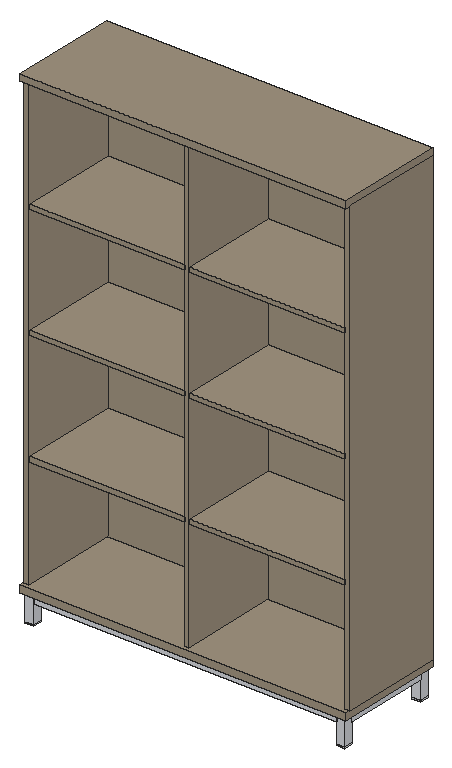
Revit family "Open Fronted Modular Storage With Wooden Door Options", category Furniture, Revit 2020 (continued)
Definition of nested family "Hinged Locking Wooden Doors - HD1 - Level 3"
  Definition of nested family "Handle Type B-1"
    Automatic sketch dimensions
      plane 1 "Center (Front/Back)" to Extrusion 18 sketch curve = 56.707 mm
      plane 1 "Center (Front/Back)" to Extrusion 18 sketch curve = 27.389 mm
      plane 3 "Center (Left/Right)" to Extrusion 18 sketch curve = 36 mm
      Extrusion 18 sketch curve to Extrusion 18 sketch curve = 1.632 mm
      plane 1 "Center (Front/Back)" to Extrusion 19 sketch curve = 56.707 mm
      plane 1 "Center (Front/Back)" to Extrusion 19 sketch curve = 26.024 mm
      plane 3 "Center (Left/Right)" to Extrusion 19 sketch curve = 41 mm
      Extrusion 19 sketch curve to Extrusion 19 sketch curve = 1.632 mm
      curve 4 to plane 1 "Center (Front/Back)" = 0 mm
      level to curve 4 = 994.578 mm
      radius of Extrusion 2 sketch curve = 4 mm  (x2)
  Definition of nested family "Handle Type D-1"
    Parameters (values of type "Handle Type D-1")
      URL = "www.gof.co.uk"
      Type Comments = ""
      Range = "STORAGE"
      Handle Type D = none
      Product Code = "Handle Type D"
      Model = ""
      Manufacturer = "Gresham Office Furniture"  # constant formula
      Default Elevation = 0 mm
      Assembly Code = "E2020200"
    Reference planes
      plane 1 "Center (Front/Back)": y = 0
      plane 2: z = 0
      plane 3 "Center (Left/Right)": x = 0
      plane 4: x = -475
      plane 5: x = 475
      plane 6: y = 260
      plane 7: y = -260
    Forms (mm)
      Extrusion 1, solid
        sketch origin (994.578, 0, 994.578) x (0, 0, 1) y (0, 1, 0)
          loop
            line (5, 0) -> (-5, 0) -> (-5, -6.91)
            arc (-5, -6.91) -> (-7.006, -15.176) -> (0, -20) r 7.5
            arc (0, -20) -> (7.006, -15.176) -> (5, -6.91) r 7.5
            line (5, -6.91) -> (5, 0)
        from 919.578 to 1069.578
    Lines and regions (mm)
      model lines, not visible, detail levels coarse+medium
        curve 1: line (75, 0, 999.578) -> (75, 0, 989.578)
        curve 2: line (-75, 0, 999.578) -> (-75, 0, 989.578)
      model lines, detail levels coarse+medium
        curve 3: line (-75, 0, 994.578) -> (75, 0, 994.578)
      model lines, not visible
        curve 4: line (0, 0, 999.578) -> (0, 0, 989.578)
    Dimensions and locks
      aligned and locked: level to plane 2
Definition of nested family "Hinged Locking Wooden Doors - HD1 - Level 2"
  Parameters (values of type "Hinged Locking Wooden Doors - HD1 - Level 2")
    Width = 1200 mm
    URL = "www.gof.co.uk"
    Shelves = none
    Range = "STORAGE"
    Product Data Specification = ""
    Product Code = "HD1"
    Product Brochure = ""
    Model = "BOOKCASE"
    Manufacturer = "Gresham Office Furniture"  # constant formula
    Height = 1816 mm
    Handle Type D [instance] = no
    Handle Type C [instance] = yes
    Handle Type B [instance] = no
    HD1 - Lock = yes
    Doors = none
    Default Elevation = 0 mm
    Carcass = none
    Depth = 400 mm
  Reference planes
    plane 1 "Center (Front/Back)": y = 0
    plane 2: z = 0
    plane 3 "Center (Left/Right)": x = 0
    plane 4: x = -600
    plane 5: x = 600
    plane 6: y = 200
    plane 7 "Front": y = -200
    plane 8 "Storage Top": z = 1816
    plane 9: z = 1803.5
    plane 10 "Door Front": y = -182
    plane 11: z = 112.5
    plane 12: z = 1791
    plane 13: z = 1400
    plane 14: z = 984
    plane 15: z = 959
    plane 16: z = 1375
    plane 17: z = 125
    plane 18: z = 100
  Forms (mm)
    Extrusion 1, solid, material <- "Doors", visible <- "HD1 - Lock"
      sketch origin (-839.743, -182, 1119.4) x (1, 0, 0) y (0, 0, 1)
        loop
          line (840.743, -575.4) -> (1439.743, -575.4) -> (1439.743, -163.4) -> (840.743, -163.4) -> (840.743, -575.4)
      from 0 to 18
    Extrusion 2, solid, visible <- "HD1 - Lock"
      sketch origin (0, 0, 415.5) x (-1, 0, 0) y (0, 0, -1)
        loop
          circle (-43, -457) r 10
      from 200 to 202
    Extrusion 3, solid, material <- "Doors", visible <- "HD1 - Lock"
      sketch origin (839.743, -182, 1119.4) x (-1, 0, 0) y (0, 0, -1)
        loop
          line (840.743, 575.4) -> (840.743, 163.4) -> (1439.743, 163.4) -> (1439.743, 575.4) -> (840.743, 575.4)
      from 0 to 18
    Extrusion 4, solid, visible <- "HD1 - Lock"
      sketch origin (0, 0, 415.5) x (1, 0, 0) y (0, 0, 1)
        loop
          circle (-43, 457) r 10
      from 200 to 202
  Dimensions and locks
    equal spacing: plane 4, plane 3 "Center (Left/Right)", plane 5
    "Width": plane 4 to plane 5
    equal spacing: plane 6, plane 1 "Center (Front/Back)", plane 7 "Front"
    "Depth": plane 6 to plane 7 "Front"
    "Height": plane 8 "Storage Top" to plane 2
    locked: plane 8 "Storage Top" to plane 9 at 12.5
    locked: plane 10 "Door Front" to plane 7 "Front" at 18
    locked: plane 11 to level at 112.5
    locked: plane 8 "Storage Top" to plane 12 at 25
    plane 12 to plane 11 = 1678.5 mm  (x2)
    locked: plane 13 to level at 1400
    locked: plane 14 to level at 984
    locked: plane 14 to plane 15 at 25
    locked: plane 13 to plane 16 at 25
    locked: plane 17 to plane 18 at 25
    locked: Extrusion 1 to Extrusion 1 at 412
    locked: Extrusion 1 to Extrusion 1 at 18
    locked: Extrusion 1 to nested 2 at 99
    locked: Extrusion 1 to nested 2 at 83.5
    locked: Extrusion 1 to nested 1 at 99
    locked: Extrusion 1 to nested 1 at 83.5
    locked: Extrusion 1 to nested 3 at 83.5
    locked: Extrusion 1 to nested 3 at 99
    locked: Extrusion 3 to Extrusion 3 at 412
    locked: Extrusion 3 to Extrusion 3 at 18
    locked: Extrusion 3 to nested 6 at 99
    locked: Extrusion 3 to nested 6 at 83.5
    locked: Extrusion 3 to nested 4 at 99
    locked: Extrusion 3 to nested 4 at 83.5
    locked: Extrusion 3 to nested 5 at 83.5
    locked: Extrusion 3 to nested 5 at 99
    aligned and locked: level to plane 2
    aligned and locked: Extrusion 2 sketch curve to nested 1
    aligned and locked: nested 6 to Extrusion 4 sketch curve
  Automatic sketch dimensions
    plane 5 to Extrusion 1 sketch curve = 0 mm
    plane 3 "Center (Left/Right)" to Extrusion 1 sketch curve = 1 mm
    Extrusion 1 sketch curve to plane 15 = 415 mm
    Extrusion 1 sketch curve to plane 15 = 3 mm
    Extrusion 2 sketch curve to plane 3 "Center (Left/Right)" = 43 mm
    Extrusion 3 sketch curve to plane 4 = 0 mm
    Extrusion 3 sketch curve to plane 3 "Center (Left/Right)" = 1 mm
    Extrusion 3 sketch curve to plane 15 = 3 mm
    Extrusion 3 sketch curve to Extrusion 3 sketch curve = 412 mm
    Extrusion 4 sketch curve to plane 3 "Center (Left/Right)" = 43 mm
    radius of Extrusion 2 sketch curve = 10 mm
    radius of Extrusion 4 sketch curve = 10 mm
  Nested families
    nested 1: "Handle Type C-1" at (175, -200, -108.638) x (-1, 0, 0) z (0, 0, 1), visible <- "Handle Type C", type "Handle Type C-1"
    nested 2: "Handle Type B-1" at (175, -200, -122.078) x (-1, 0, 0) z (0, 0, 1), visible <- "Handle Type B", type "Handle Type B-1"
    nested 3: "Handle Type D-1" at (175, -200, -122.078) x (-1, 0, 0) z (0, 0, 1), visible <- "Handle Type D", type "Handle Type D-1"
    nested 4: "Handle Type C-1" at (-175, -200, -108.638), visible <- "Handle Type C", type "Handle Type C-1"
    nested 5: "Handle Type B-1" at (-175, -200, -122.078), visible <- "Handle Type B", type "Handle Type B-1"
    nested 6: "Handle Type D-1" at (-175, -200, -122.078), visible <- "Handle Type D", type "Handle Type D-1"
  Definition of nested family "Handle Type C-1"
    Parameters (values of type "Handle Type C-1")
      URL = "www.gof.co.uk"
      Type Comments = ""
      Range = "STORAGE"
      Handle Type C = none
      Product Code = "Handle Type C"
      Model = ""
      Manufacturer = "Gresham Office Furniture"  # constant formula
      Default Elevation = 0 mm
      Assembly Code = "E2020200"
    Reference planes
      plane 1 "Center (Front/Back)": y = 0
      plane 2: z = 0
      plane 3 "Center (Left/Right)": x = 0
      plane 4: x = -475
      plane 5: x = 475
      plane 6 "Storage Top": z = 2007
      plane 7: y = 260
      plane 8: y = -260
    Forms (mm)
      Extrusion 1, void
        sketch origin (981.138, 0, 981.138) x (0, 1, 0) y (-1, 0, 0)
          loop
            line (0, 1072) -> (0, 884.5) -> (27.401, 884.5) -> (27.401, 1072) -> (0, 1072)
        from -12.204 to 11.22
      Sweep 2, solid, material <- "Handle Type C"
        path in 3D
          loop
            arc (-78.75, 3.75, 981.138) -> (0, -30, 981.138) -> (78.75, 3.75, 981.138) r 108.75
        profile origin (0, -30, 981.138) x (0, 1, 0) y (0, 0, 1)
          loop
            circle (0, 0) r 5
    Cuts and joins
      Extrusion 1 cuts Sweep 2
    Lines and regions (mm)
      model lines, detail levels coarse+medium
        curve 1: line (68, 0, 981.138) -> (-68, 0, 981.138)
      model lines, not visible, detail levels coarse+medium
        curve 2: line (0, 0, 986.138) -> (0, 0, 976.138)
      model lines, not visible
        curve 3: line (0, 0, 981.138) -> (0, -30, 981.138)
        curve 5: line (-75, 0, 976.138) -> (-75, 0, 986.138)
        curve 6: line (75, 0, 986.138) -> (75, 0, 976.138)
      sketch lines
        curve 4: arc (-78.75, 3.75, 981.138) -> (0, -30, 981.138) -> (78.75, 3.75, 981.138) r 108.75
    Dimensions and locks
      equal spacing: plane 4, plane 3 "Center (Left/Right)", plane 5
      locked: plane 4 to plane 5 at 950
      equal spacing: plane 7, plane 1 "Center (Front/Back)", plane 8
      locked: plane 7 to plane 8 at 520
      aligned and locked: level to plane 2
    Automatic sketch dimensions
      curve 3 to plane 1 "Center (Front/Back)" = 0 mm
      plane 1 "Center (Front/Back)" to curve 3 = 30 mm
      curve 2 to plane 3 "Center (Left/Right)" = 0 mm
      level to curve 2 = 976.138 mm
      curve 1 to plane 3 "Center (Left/Right)" = 68 mm
      curve 5 to curve 1 = 7 mm
      plane 3 "Center (Left/Right)" to curve 1 = 68 mm
      curve 1 to curve 6 = 7 mm
      curve 6 to curve 2 = 0 mm
      curve 5 to curve 2 = 0 mm
      curve 5 to curve 1 = 5 mm
      curve 1 to curve 6 = 5 mm
      curve 1 to curve 5 = 5 mm
      curve 2 to curve 2 = 10 mm
      plane 1 "Center (Front/Back)" to Extrusion 1 sketch curve = 0 mm
      Extrusion 1 sketch curve to plane 1 "Center (Front/Back)" = 27.401 mm
      plane 3 "Center (Left/Right)" to Extrusion 1 sketch curve = 96.638 mm
      Extrusion 1 sketch curve to plane 3 "Center (Left/Right)" = 90.862 mm
      Sweep 2 sketch curve to profile plane = 0 mm  (x2)
      level to curve 3 = 981.138 mm
      radius of Sweep 2 sketch curve = 5 mm
  Definition of nested family "Handle Type B-1"
    Parameters (values of type "Handle Type B-1")
      URL = "www.gof.co.uk"
      Type Comments = ""
      Range = "STORAGE"
      Handle Type B = none
      Product Code = "Handle Type B"
      Model = ""
      Manufacturer = "Gresham Office Furniture"  # constant formula
      Default Elevation = 0 mm
      Assembly Code = "E2020200"
    Reference planes
      plane 1 "Center (Front/Back)": y = 0
      plane 2: z = 0
      plane 3 "Center (Left/Right)": x = 0
      plane 4: x = -475
      plane 5: x = 475
      plane 6: y = 260
      plane 7: y = -260
    Forms (mm)
      Extrusion 1, void
        sketch origin (872.923, -128.373, 994.578) x (0, 1, 0) y (-1, 0, 0)
          loop
            line (71.667, 873.923) -> (71.667, 872.291) -> (97.075, 872.291) -> (97.075, 873.923) -> (71.667, 873.923)
        from -6 to 6
      Extrusion 2, solid
        sketch origin (988.138, 0, 994.578) x (0, 0, 1) y (-1, 0, 0)
          loop
            circle (0, 1063.138) r 4
          loop
            circle (0, 913.138) r 4
        from 0 to 10.354
      Sweep 3, solid
        path in 3D
          loop
            arc (-85, -5, 994.578) -> (0, -30, 994.578) -> (85, -5, 994.578) r 157
        profile origin (0, -30, 994.578) x (0, 1, 0) y (0, 0, 1)
          loop
            spline (0, 7.5) -> (-0.776, 7.244) -> (-1.5, 6.495) -> (-2.121, 5.303) -> (-2.598, 3.75) -> (-2.898, 1.941) -> (-3, 0) -> (-2.898, -1.941) -> (-2.598, -3.75) -> (-2.121, -5.303) -> (-1.5, -6.495) -> (-0.776, -7.244) -> (0, -7.5)
            spline (0, -7.5) -> (0.776, -7.244) -> (1.5, -6.495) -> (2.121, -5.303) -> (2.598, -3.75) -> (2.898, -1.941) -> (3, 0) -> (2.898, 1.941) -> (2.598, 3.75) -> (2.121, 5.303) -> (1.5, 6.495) -> (0.776, 7.244) -> (0, 7.5)
      Extrusion 4, void
        sketch origin (867.923, -128.373, 994.578) x (0, 1, 0) y (-1, 0, 0)
          loop
            line (71.667, 873.923) -> (71.667, 872.291) -> (97.075, 872.291) -> (97.075, 873.923) -> (71.667, 873.923)
        from -6 to 6
      Extrusion 5, void
        sketch origin (862.923, -128.373, 994.578) x (0, 1, 0) y (-1, 0, 0)
          loop
            line (71.667, 873.923) -> (71.667, 872.291) -> (98.373, 872.291) -> (98.373, 873.923) -> (71.667, 873.923)
        from -6 to 6
      Extrusion 6, void
        sketch origin (857.923, -128.373, 994.578) x (0, 1, 0) y (-1, 0, 0)
          loop
            line (71.667, 873.923) -> (71.667, 872.291) -> (98.373, 872.291) -> (98.373, 873.923) -> (71.667, 873.923)
        from -6 to 6
      Extrusion 7, void
        sketch origin (852.923, -128.373, 994.578) x (0, 1, 0) y (-1, 0, 0)
          loop
            line (71.667, 873.923) -> (71.667, 872.291) -> (98.842, 872.291) -> (98.842, 873.923) -> (71.667, 873.923)
        from -6 to 6
      Extrusion 8, void
        sketch origin (847.923, -128.373, 994.578) x (0, 1, 0) y (-1, 0, 0)
          loop
            line (71.667, 873.923) -> (71.667, 872.291) -> (99.385, 872.291) -> (99.385, 873.923) -> (71.667, 873.923)
        from -6 to 6
      Extrusion 9, void
        sketch origin (842.923, -128.373, 994.578) x (0, 1, 0) y (-1, 0, 0)
          loop
            line (71.667, 873.923) -> (71.667, 872.291) -> (100.2, 872.291) -> (100.2, 873.923) -> (71.667, 873.923)
        from -6 to 6
      Extrusion 10, void
        sketch origin (837.923, -128.373, 994.578) x (0, 1, 0) y (-1, 0, 0)
          loop
            line (71.667, 873.923) -> (71.667, 872.291) -> (100.984, 872.291) -> (100.984, 873.923) -> (71.667, 873.923)
        from -6 to 6
      Extrusion 11, void
        sketch origin (832.923, -128.373, 994.578) x (0, 1, 0) y (-1, 0, 0)
          loop
            line (71.667, 873.923) -> (71.667, 872.291) -> (102.35, 872.291) -> (102.35, 873.923) -> (71.667, 873.923)
        from -6 to 6
      Extrusion 12, void
        sketch origin (-867.923, -128.373, 994.578) x (0, 1, 0) y (-1, 0, 0)
          loop
            line (71.667, -873.923) -> (97.075, -873.923) -> (97.075, -872.291) -> (71.667, -872.291) -> (71.667, -873.923)
        from -6 to 6
      Extrusion 13, void
        sketch origin (-862.923, -128.373, 994.578) x (0, 1, 0) y (-1, 0, 0)
          loop
            line (71.667, -873.923) -> (98.373, -873.923) -> (98.373, -872.291) -> (71.667, -872.291) -> (71.667, -873.923)
        from -6 to 6
      Extrusion 14, void
        sketch origin (-857.923, -128.373, 994.578) x (0, 1, 0) y (-1, 0, 0)
          loop
            line (71.667, -873.923) -> (98.373, -873.923) -> (98.373, -872.291) -> (71.667, -872.291) -> (71.667, -873.923)
        from -6 to 6
      Extrusion 15, void
        sketch origin (-852.923, -128.373, 994.578) x (0, 1, 0) y (-1, 0, 0)
          loop
            line (71.667, -873.923) -> (98.842, -873.923) -> (98.842, -872.291) -> (71.667, -872.291) -> (71.667, -873.923)
        from -6 to 6
      Extrusion 16, void
        sketch origin (-847.923, -128.373, 994.578) x (0, 1, 0) y (-1, 0, 0)
          loop
            line (71.667, -873.923) -> (99.385, -873.923) -> (99.385, -872.291) -> (71.667, -872.291) -> (71.667, -873.923)
        from -6 to 6
      Extrusion 17, void
        sketch origin (-842.923, -128.373, 994.578) x (0, 1, 0) y (-1, 0, 0)
          loop
            line (71.667, -873.923) -> (100.2, -873.923) -> (100.2, -872.291) -> (71.667, -872.291) -> (71.667, -873.923)
        from -6 to 6
      Extrusion 18, void
        sketch origin (-837.923, -128.373, 994.578) x (0, 1, 0) y (-1, 0, 0)
          loop
            line (71.667, -873.923) -> (100.984, -873.923) -> (100.984, -872.291) -> (71.667, -872.291) -> (71.667, -873.923)
        from -6 to 6
      Extrusion 19, void
        sketch origin (-832.923, -128.373, 994.578) x (0, 1, 0) y (-1, 0, 0)
          loop
            line (71.667, -873.923) -> (102.35, -873.923) -> (102.35, -872.291) -> (71.667, -872.291) -> (71.667, -873.923)
        from -6 to 6
    Cuts and joins
      Extrusion 1, Extrusion 4, Extrusion 5, Extrusion 6, Extrusion 7, Extrusion 8, Extrusion 9, Extrusion 10, Extrusion 11, Extrusion 12, Extrusion 13, Extrusion 14, Extrusion 15, Extrusion 16, Extrusion 17, Extrusion 18, Extrusion 19 cuts Sweep 3
    Lines and regions (mm)
      model lines, not visible, detail levels coarse+medium
        curve 1: line (75, 0, 999.578) -> (75, 0, 989.578)
      model lines, not visible
        curve 2: line (-75, 0, 999.578) -> (-75, 0, 989.578)
        curve 4: line (0, 0, 994.578) -> (0, -30, 994.578)
        curve 6: line (0, 0, 999.578) -> (0, 0, 989.578)
      model lines
        curve 3: line (-75, 0, 994.578) -> (75, 0, 994.578)
      sketch lines
        curve 5: arc (-85, -5, 994.578) -> (0, -30, 994.578) -> (85, -5, 994.578) r 157
    Dimensions and locks
      equal spacing: plane 4, plane 3 "Center (Left/Right)", plane 5
      locked: plane 4 to plane 5 at 950
      equal spacing: plane 6, plane 1 "Center (Front/Back)", plane 7
      locked: plane 6 to plane 7 at 520
      aligned and locked: level to plane 2
    Automatic sketch dimensions
      curve 4 to curve 4 = 30 mm
      curve 6 to plane 3 "Center (Left/Right)" = 0 mm
      plane 3 "Center (Left/Right)" to curve 1 = 75 mm
      level to curve 1 = 989.578 mm
      curve 3 to plane 3 "Center (Left/Right)" = 75 mm
      curve 2 to curve 1 = 0 mm
      curve 6 to curve 1 = 0 mm
      curve 2 to curve 3 = 5 mm
      curve 6 to curve 6 = 10 mm
      curve 3 to curve 2 = 5 mm
      curve 3 to curve 1 = 5 mm
      plane 3 "Center (Left/Right)" to Extrusion 1 sketch curve = 0.632 mm
      plane 1 "Center (Front/Back)" to Extrusion 1 sketch curve = 56.707 mm
      Extrusion 1 sketch curve to Extrusion 1 sketch curve = 25.409 mm
      Extrusion 1 sketch curve to plane 3 "Center (Left/Right)" = 1 mm
      plane 3 "Center (Left/Right)" to Extrusion 2 sketch curve = 75 mm
      level to Extrusion 2 sketch curve = 994.578 mm
      Extrusion 2 sketch curve to plane 3 "Center (Left/Right)" = 75 mm
      Extrusion 2 sketch curve to Extrusion 2 sketch curve = 0 mm
      Sweep 3 sketch curve to profile plane = 0 mm  (x2)
      Sweep 3 sketch curve to Sweep 3 sketch curve = 7.5 mm
      Extrusion 4 sketch curve to plane 3 "Center (Left/Right)" = 4.368 mm
      plane 1 "Center (Front/Back)" to Extrusion 4 sketch curve = 56.707 mm
      Extrusion 4 sketch curve to Extrusion 4 sketch curve = 25.409 mm
      Extrusion 4 sketch curve to Extrusion 4 sketch curve = 1.632 mm
      Extrusion 5 sketch curve to plane 3 "Center (Left/Right)" = 9.368 mm
      plane 1 "Center (Front/Back)" to Extrusion 5 sketch curve = 56.707 mm
      Extrusion 5 sketch curve to Extrusion 5 sketch curve = 26.707 mm
      Extrusion 5 sketch curve to Extrusion 5 sketch curve = 1.632 mm
      Extrusion 6 sketch curve to plane 3 "Center (Left/Right)" = 14.368 mm
      plane 1 "Center (Front/Back)" to Extrusion 6 sketch curve = 56.707 mm
      Extrusion 6 sketch curve to Extrusion 6 sketch curve = 26.707 mm
      Extrusion 6 sketch curve to Extrusion 6 sketch curve = 1.632 mm
      Extrusion 7 sketch curve to plane 3 "Center (Left/Right)" = 19.368 mm
      plane 1 "Center (Front/Back)" to Extrusion 7 sketch curve = 56.707 mm
      Extrusion 7 sketch curve to Extrusion 7 sketch curve = 27.176 mm
      Extrusion 7 sketch curve to Extrusion 7 sketch curve = 1.632 mm
      Extrusion 8 sketch curve to plane 3 "Center (Left/Right)" = 24.368 mm
      plane 1 "Center (Front/Back)" to Extrusion 8 sketch curve = 56.707 mm
      Extrusion 8 sketch curve to Extrusion 8 sketch curve = 27.719 mm
      Extrusion 8 sketch curve to Extrusion 8 sketch curve = 1.632 mm
      plane 1 "Center (Front/Back)" to Extrusion 9 sketch curve = 56.707 mm
      plane 1 "Center (Front/Back)" to Extrusion 9 sketch curve = 28.173 mm
      Extrusion 9 sketch curve to plane 3 "Center (Left/Right)" = 29.368 mm
      Extrusion 9 sketch curve to Extrusion 9 sketch curve = 1.632 mm
      plane 1 "Center (Front/Back)" to Extrusion 10 sketch curve = 56.707 mm
      plane 1 "Center (Front/Back)" to Extrusion 10 sketch curve = 27.389 mm
      Extrusion 10 sketch curve to plane 3 "Center (Left/Right)" = 34.368 mm
      Extrusion 10 sketch curve to Extrusion 10 sketch curve = 1.632 mm
      plane 1 "Center (Front/Back)" to Extrusion 11 sketch curve = 56.707 mm
      plane 1 "Center (Front/Back)" to Extrusion 11 sketch curve = 26.024 mm
      Extrusion 11 sketch curve to plane 3 "Center (Left/Right)" = 39.368 mm
      Extrusion 11 sketch curve to Extrusion 11 sketch curve = 1.632 mm
      plane 3 "Center (Left/Right)" to Extrusion 12 sketch curve = 4.368 mm
      plane 1 "Center (Front/Back)" to Extrusion 12 sketch curve = 56.707 mm
      Extrusion 12 sketch curve to Extrusion 12 sketch curve = 25.409 mm
      Extrusion 12 sketch curve to Extrusion 12 sketch curve = 1.632 mm
      plane 3 "Center (Left/Right)" to Extrusion 13 sketch curve = 9.368 mm
      plane 1 "Center (Front/Back)" to Extrusion 13 sketch curve = 56.707 mm
      Extrusion 13 sketch curve to Extrusion 13 sketch curve = 26.707 mm
      Extrusion 13 sketch curve to Extrusion 13 sketch curve = 1.632 mm
      plane 3 "Center (Left/Right)" to Extrusion 14 sketch curve = 14.368 mm
      plane 1 "Center (Front/Back)" to Extrusion 14 sketch curve = 56.707 mm
      Extrusion 14 sketch curve to Extrusion 14 sketch curve = 26.707 mm
      Extrusion 14 sketch curve to Extrusion 14 sketch curve = 1.632 mm
      plane 3 "Center (Left/Right)" to Extrusion 15 sketch curve = 19.368 mm
      plane 1 "Center (Front/Back)" to Extrusion 15 sketch curve = 56.707 mm
      Extrusion 15 sketch curve to Extrusion 15 sketch curve = 27.176 mm
      Extrusion 15 sketch curve to Extrusion 15 sketch curve = 1.632 mm
      plane 3 "Center (Left/Right)" to Extrusion 16 sketch curve = 24.368 mm
      plane 1 "Center (Front/Back)" to Extrusion 16 sketch curve = 56.707 mm
      Extrusion 16 sketch curve to Extrusion 16 sketch curve = 27.719 mm
      Extrusion 16 sketch curve to Extrusion 16 sketch curve = 1.632 mm
      plane 1 "Center (Front/Back)" to Extrusion 17 sketch curve = 56.707 mm
      plane 1 "Center (Front/Back)" to Extrusion 17 sketch curve = 28.173 mm
      plane 3 "Center (Left/Right)" to Extrusion 17 sketch curve = 31 mm
      Extrusion 17 sketch curve to Extrusion 17 sketch curve = 1.632 mm
      plane 1 "Center (Front/Back)" to Extrusion 18 sketch curve = 56.707 mm
      plane 1 "Center (Front/Back)" to Extrusion 18 sketch curve = 27.389 mm
      plane 3 "Center (Left/Right)" to Extrusion 18 sketch curve = 36 mm
      Extrusion 18 sketch curve to Extrusion 18 sketch curve = 1.632 mm
      plane 1 "Center (Front/Back)" to Extrusion 19 sketch curve = 56.707 mm
      plane 1 "Center (Front/Back)" to Extrusion 19 sketch curve = 26.024 mm
      plane 3 "Center (Left/Right)" to Extrusion 19 sketch curve = 41 mm
      Extrusion 19 sketch curve to Extrusion 19 sketch curve = 1.632 mm
      curve 4 to plane 1 "Center (Front/Back)" = 0 mm
      level to curve 4 = 994.578 mm
      radius of Extrusion 2 sketch curve = 4 mm  (x2)
  Definition of nested family "Handle Type D-1"
    Parameters (values of type "Handle Type D-1")
      URL = "www.gof.co.uk"
      Type Comments = ""
      Range = "STORAGE"
      Handle Type D = none
      Product Code = "Handle Type D"
      Model = ""
      Manufacturer = "Gresham Office Furniture"  # constant formula
      Default Elevation = 0 mm
      Assembly Code = "E2020200"
    Reference planes
      plane 1 "Center (Front/Back)": y = 0
      plane 2: z = 0
      plane 3 "Center (Left/Right)": x = 0
      plane 4: x = -475
      plane 5: x = 475
      plane 6: y = 260
      plane 7: y = -260
    Forms (mm)
      Extrusion 1, solid
        sketch origin (994.578, 0, 994.578) x (0, 0, 1) y (0, 1, 0)
          loop
            line (5, 0) -> (-5, 0) -> (-5, -6.91)
            arc (-5, -6.91) -> (-7.006, -15.176) -> (0, -20) r 7.5
            arc (0, -20) -> (7.006, -15.176) -> (5, -6.91) r 7.5
            line (5, -6.91) -> (5, 0)
        from 919.578 to 1069.578
    Lines and regions (mm)
      model lines, not visible, detail levels coarse+medium
        curve 1: line (75, 0, 999.578) -> (75, 0, 989.578)
        curve 2: line (-75, 0, 999.578) -> (-75, 0, 989.578)
      model lines, detail levels coarse+medium
        curve 3: line (-75, 0, 994.578) -> (75, 0, 994.578)
      model lines, not visible
        curve 4: line (0, 0, 999.578) -> (0, 0, 989.578)
    Dimensions and locks
      aligned and locked: level to plane 2
Definition of nested family "Hinged Locking Wooden Doors - HD1 - Level 4"
  Parameters (values of type "Hinged Locking Wooden Doors - HD1 - Level 4")
    Width = 1200 mm
    URL = "www.gof.co.uk"
    Shelves = none
    Range = "STORAGE"
    Product Data Specification = ""
    Product Code = "HD1"
    Product Brochure = ""
    Model = "BOOKCASE"
    Manufacturer = "Gresham Office Furniture"  # constant formula
    Height = 1816 mm
    Handle Type D [instance] = no
    Handle Type C [instance] = yes
    Handle Type B [instance] = no
    HD1 - Lock = yes
    Doors = none
    Default Elevation = 0 mm
    Carcass = none
    Depth = 400 mm
  Reference planes
    plane 1 "Center (Front/Back)": y = 0
    plane 2: z = 0
    plane 3 "Center (Left/Right)": x = 0
    plane 4: x = -600
    plane 5: x = 600
    plane 6: y = 200
    plane 7 "Front": y = -200
    plane 8 "Storage Top": z = 1816
    plane 9: z = 1803.5
    plane 10 "Door Front": y = -182
    plane 11: z = 112.5
    plane 12: z = 1791
    plane 13: z = 1400
    plane 14: z = 984
    plane 15: z = 959
    plane 16: z = 1375
    plane 17: z = 125
    plane 18: z = 100
  Forms (mm)
    Extrusion 1, solid, material <- "Doors", visible <- "HD1 - Lock"
      sketch origin (-839.743, -182, 1950.4) x (1, 0, 0) y (0, 0, 1)
        loop
          line (840.743, -575.4) -> (1439.743, -575.4) -> (1439.743, -163.4) -> (840.743, -163.4) -> (840.743, -575.4)
      from 0 to 18
    Extrusion 2, solid, visible <- "HD1 - Lock"
      sketch origin (0, 0, 1246.5) x (-1, 0, 0) y (0, 0, -1)
        loop
          circle (-43, -212.5) r 10
      from 200 to 202
    Extrusion 3, solid, material <- "Doors", visible <- "HD1 - Lock"
      sketch origin (839.743, -182, 1950.4) x (-1, 0, 0) y (0, 0, -1)
        loop
          line (840.743, 575.4) -> (840.743, 163.4) -> (1439.743, 163.4) -> (1439.743, 575.4) -> (840.743, 575.4)
      from 0 to 18
    Extrusion 4, solid, visible <- "HD1 - Lock"
      sketch origin (0, 0, 1246.5) x (1, 0, 0) y (0, 0, 1)
        loop
          circle (-43, 212.5) r 10
      from 200 to 202
  Dimensions and locks
    equal spacing: plane 4, plane 3 "Center (Left/Right)", plane 5
    "Width": plane 4 to plane 5
    equal spacing: plane 6, plane 1 "Center (Front/Back)", plane 7 "Front"
    "Depth": plane 6 to plane 7 "Front"
    "Height": plane 8 "Storage Top" to plane 2
    locked: plane 8 "Storage Top" to plane 9 at 12.5
    locked: plane 10 "Door Front" to plane 7 "Front" at 18
    locked: plane 11 to level at 112.5
    locked: plane 8 "Storage Top" to plane 12 at 25
    plane 12 to plane 11 = 1678.5 mm  (x2)
    locked: plane 13 to level at 1400
    locked: plane 14 to level at 984
    locked: plane 14 to plane 15 at 25
    locked: plane 13 to plane 16 at 25
    locked: plane 17 to plane 18 at 25
    locked: Extrusion 1 to Extrusion 1 at 412
    locked: Extrusion 1 to Extrusion 1 at 18
    locked: nested 1 to Extrusion 1 at 84
    locked: nested 3 to Extrusion 1 at 84
    locked: nested 2 to Extrusion 1 at 84
    locked: Extrusion 1 to nested 2 at 99
    locked: Extrusion 1 to nested 1 at 99
    locked: Extrusion 1 to nested 3 at 99
    locked: Extrusion 3 to Extrusion 3 at 412
    locked: Extrusion 3 to Extrusion 3 at 18
    locked: Extrusion 3 to nested 6 at 99
    locked: nested 6 to Extrusion 3 at 84
    locked: nested 4 to Extrusion 3 at 84
    locked: Extrusion 3 to nested 4 at 99
    locked: Extrusion 3 to nested 5 at 99
    locked: nested 5 to Extrusion 3 at 84
    aligned and locked: level to plane 2
    aligned and locked: Extrusion 2 sketch curve to nested 1
    aligned and locked: nested 6 to Extrusion 4 sketch curve
  Automatic sketch dimensions
    Extrusion 1 sketch curve to plane 16 = 0 mm
    plane 5 to Extrusion 1 sketch curve = 0 mm
    plane 3 "Center (Left/Right)" to Extrusion 1 sketch curve = 1 mm
    Extrusion 1 sketch curve to plane 12 = 4 mm
    plane 3 "Center (Left/Right)" to Extrusion 2 sketch curve = 43 mm
    Extrusion 3 sketch curve to plane 16 = 0 mm
    Extrusion 3 sketch curve to plane 4 = 0 mm
    Extrusion 3 sketch curve to plane 3 "Center (Left/Right)" = 1 mm
    Extrusion 3 sketch curve to plane 12 = 4 mm
    Extrusion 4 sketch curve to plane 3 "Center (Left/Right)" = 43 mm
    radius of Extrusion 2 sketch curve = 10 mm
    radius of Extrusion 4 sketch curve = 10 mm
  Nested families
    nested 1: "Handle Type C-1" at (175, -200, 477.862) x (-1, 0, 0) z (0, 0, 1), visible <- "Handle Type C", type "Handle Type C-1"
    nested 2: "Handle Type B-1" at (175, -200, 464.422) x (-1, 0, 0) z (0, 0, 1), visible <- "Handle Type B", type "Handle Type B-1"
    nested 3: "Handle Type D-1" at (175, -200, 464.422) x (-1, 0, 0) z (0, 0, 1), visible <- "Handle Type D", type "Handle Type D-1"
    nested 4: "Handle Type C-1" at (-175, -200, 477.862), visible <- "Handle Type C", type "Handle Type C-1"
    nested 5: "Handle Type B-1" at (-175, -200, 464.422), visible <- "Handle Type B", type "Handle Type B-1"
    nested 6: "Handle Type D-1" at (-175, -200, 464.422), visible <- "Handle Type D", type "Handle Type D-1"
  Definition of nested family "Handle Type C-1"
    Parameters (values of type "Handle Type C-1")
      URL = "www.gof.co.uk"
      Type Comments = ""
      Range = "STORAGE"
      Handle Type C = none
      Product Code = "Handle Type C"
      Model = ""
      Manufacturer = "Gresham Office Furniture"  # constant formula
      Default Elevation = 0 mm
      Assembly Code = "E2020200"
    Reference planes
      plane 1 "Center (Front/Back)": y = 0
      plane 2: z = 0
      plane 3 "Center (Left/Right)": x = 0
      plane 4: x = -475
      plane 5: x = 475
      plane 6 "Storage Top": z = 2007
      plane 7: y = 260
      plane 8: y = -260
    Forms (mm)
      Extrusion 1, void
        sketch origin (981.138, 0, 981.138) x (0, 1, 0) y (-1, 0, 0)
          loop
            line (0, 1072) -> (0, 884.5) -> (27.401, 884.5) -> (27.401, 1072) -> (0, 1072)
        from -12.204 to 11.22
      Sweep 2, solid, material <- "Handle Type C"
        path in 3D
          loop
            arc (-78.75, 3.75, 981.138) -> (0, -30, 981.138) -> (78.75, 3.75, 981.138) r 108.75
        profile origin (0, -30, 981.138) x (0, 1, 0) y (0, 0, 1)
          loop
            circle (0, 0) r 5
    Cuts and joins
      Extrusion 1 cuts Sweep 2
    Lines and regions (mm)
      model lines, detail levels coarse+medium
        curve 1: line (68, 0, 981.138) -> (-68, 0, 981.138)
      model lines, not visible, detail levels coarse+medium
        curve 2: line (0, 0, 986.138) -> (0, 0, 976.138)
      model lines, not visible
        curve 3: line (0, 0, 981.138) -> (0, -30, 981.138)
        curve 5: line (-75, 0, 976.138) -> (-75, 0, 986.138)
        curve 6: line (75, 0, 986.138) -> (75, 0, 976.138)
      sketch lines
        curve 4: arc (-78.75, 3.75, 981.138) -> (0, -30, 981.138) -> (78.75, 3.75, 981.138) r 108.75
    Dimensions and locks
      equal spacing: plane 4, plane 3 "Center (Left/Right)", plane 5
      locked: plane 4 to plane 5 at 950
      equal spacing: plane 7, plane 1 "Center (Front/Back)", plane 8
      locked: plane 7 to plane 8 at 520
      aligned and locked: level to plane 2
    Automatic sketch dimensions
      curve 3 to plane 1 "Center (Front/Back)" = 0 mm
      plane 1 "Center (Front/Back)" to curve 3 = 30 mm
      curve 2 to plane 3 "Center (Left/Right)" = 0 mm
      level to curve 2 = 976.138 mm
      curve 1 to plane 3 "Center (Left/Right)" = 68 mm
      curve 5 to curve 1 = 7 mm
      plane 3 "Center (Left/Right)" to curve 1 = 68 mm
      curve 1 to curve 6 = 7 mm
      curve 6 to curve 2 = 0 mm
      curve 5 to curve 2 = 0 mm
      curve 5 to curve 1 = 5 mm
      curve 1 to curve 6 = 5 mm
      curve 1 to curve 5 = 5 mm
      curve 2 to curve 2 = 10 mm
      plane 1 "Center (Front/Back)" to Extrusion 1 sketch curve = 0 mm
      Extrusion 1 sketch curve to plane 1 "Center (Front/Back)" = 27.401 mm
      plane 3 "Center (Left/Right)" to Extrusion 1 sketch curve = 96.638 mm
      Extrusion 1 sketch curve to plane 3 "Center (Left/Right)" = 90.862 mm
      Sweep 2 sketch curve to profile plane = 0 mm  (x2)
      level to curve 3 = 981.138 mm
      radius of Sweep 2 sketch curve = 5 mm
  Definition of nested family "Handle Type B-1"
    Parameters (values of type "Handle Type B-1")
      URL = "www.gof.co.uk"
      Type Comments = ""
      Range = "STORAGE"
      Handle Type B = none
      Product Code = "Handle Type B"
      Model = ""
      Manufacturer = "Gresham Office Furniture"  # constant formula
      Default Elevation = 0 mm
      Assembly Code = "E2020200"
    Reference planes
      plane 1 "Center (Front/Back)": y = 0
      plane 2: z = 0
      plane 3 "Center (Left/Right)": x = 0
      plane 4: x = -475
      plane 5: x = 475
      plane 6: y = 260
      plane 7: y = -260
    Forms (mm)
      Extrusion 1, void
        sketch origin (872.923, -128.373, 994.578) x (0, 1, 0) y (-1, 0, 0)
          loop
            line (71.667, 873.923) -> (71.667, 872.291) -> (97.075, 872.291) -> (97.075, 873.923) -> (71.667, 873.923)
        from -6 to 6
      Extrusion 2, solid
        sketch origin (988.138, 0, 994.578) x (0, 0, 1) y (-1, 0, 0)
          loop
            circle (0, 1063.138) r 4
          loop
            circle (0, 913.138) r 4
        from 0 to 10.354
      Sweep 3, solid
        path in 3D
          loop
            arc (-85, -5, 994.578) -> (0, -30, 994.578) -> (85, -5, 994.578) r 157
        profile origin (0, -30, 994.578) x (0, 1, 0) y (0, 0, 1)
          loop
            spline (0, 7.5) -> (-0.776, 7.244) -> (-1.5, 6.495) -> (-2.121, 5.303) -> (-2.598, 3.75) -> (-2.898, 1.941) -> (-3, 0) -> (-2.898, -1.941) -> (-2.598, -3.75) -> (-2.121, -5.303) -> (-1.5, -6.495) -> (-0.776, -7.244) -> (0, -7.5)
            spline (0, -7.5) -> (0.776, -7.244) -> (1.5, -6.495) -> (2.121, -5.303) -> (2.598, -3.75) -> (2.898, -1.941) -> (3, 0) -> (2.898, 1.941) -> (2.598, 3.75) -> (2.121, 5.303) -> (1.5, 6.495) -> (0.776, 7.244) -> (0, 7.5)
      Extrusion 4, void
        sketch origin (867.923, -128.373, 994.578) x (0, 1, 0) y (-1, 0, 0)
          loop
            line (71.667, 873.923) -> (71.667, 872.291) -> (97.075, 872.291) -> (97.075, 873.923) -> (71.667, 873.923)
        from -6 to 6
      Extrusion 5, void
        sketch origin (862.923, -128.373, 994.578) x (0, 1, 0) y (-1, 0, 0)
          loop
            line (71.667, 873.923) -> (71.667, 872.291) -> (98.373, 872.291) -> (98.373, 873.923) -> (71.667, 873.923)
        from -6 to 6
      Extrusion 6, void
        sketch origin (857.923, -128.373, 994.578) x (0, 1, 0) y (-1, 0, 0)
          loop
            line (71.667, 873.923) -> (71.667, 872.291) -> (98.373, 872.291) -> (98.373, 873.923) -> (71.667, 873.923)
        from -6 to 6
      Extrusion 7, void
        sketch origin (852.923, -128.373, 994.578) x (0, 1, 0) y (-1, 0, 0)
          loop
            line (71.667, 873.923) -> (71.667, 872.291) -> (98.842, 872.291) -> (98.842, 873.923) -> (71.667, 873.923)
        from -6 to 6
      Extrusion 8, void
        sketch origin (847.923, -128.373, 994.578) x (0, 1, 0) y (-1, 0, 0)
          loop
            line (71.667, 873.923) -> (71.667, 872.291) -> (99.385, 872.291) -> (99.385, 873.923) -> (71.667, 873.923)
        from -6 to 6
      Extrusion 9, void
        sketch origin (842.923, -128.373, 994.578) x (0, 1, 0) y (-1, 0, 0)
          loop
            line (71.667, 873.923) -> (71.667, 872.291) -> (100.2, 872.291) -> (100.2, 873.923) -> (71.667, 873.923)
        from -6 to 6
      Extrusion 10, void
        sketch origin (837.923, -128.373, 994.578) x (0, 1, 0) y (-1, 0, 0)
          loop
            line (71.667, 873.923) -> (71.667, 872.291) -> (100.984, 872.291) -> (100.984, 873.923) -> (71.667, 873.923)
        from -6 to 6
      Extrusion 11, void
        sketch origin (832.923, -128.373, 994.578) x (0, 1, 0) y (-1, 0, 0)
          loop
            line (71.667, 873.923) -> (71.667, 872.291) -> (102.35, 872.291) -> (102.35, 873.923) -> (71.667, 873.923)
        from -6 to 6
      Extrusion 12, void
        sketch origin (-867.923, -128.373, 994.578) x (0, 1, 0) y (-1, 0, 0)
          loop
            line (71.667, -873.923) -> (97.075, -873.923) -> (97.075, -872.291) -> (71.667, -872.291) -> (71.667, -873.923)
        from -6 to 6
      Extrusion 13, void
        sketch origin (-862.923, -128.373, 994.578) x (0, 1, 0) y (-1, 0, 0)
          loop
            line (71.667, -873.923) -> (98.373, -873.923) -> (98.373, -872.291) -> (71.667, -872.291) -> (71.667, -873.923)
        from -6 to 6
      Extrusion 14, void
        sketch origin (-857.923, -128.373, 994.578) x (0, 1, 0) y (-1, 0, 0)
          loop
            line (71.667, -873.923) -> (98.373, -873.923) -> (98.373, -872.291) -> (71.667, -872.291) -> (71.667, -873.923)
        from -6 to 6
      Extrusion 15, void
        sketch origin (-852.923, -128.373, 994.578) x (0, 1, 0) y (-1, 0, 0)
          loop
            line (71.667, -873.923) -> (98.842, -873.923) -> (98.842, -872.291) -> (71.667, -872.291) -> (71.667, -873.923)
        from -6 to 6
      Extrusion 16, void
        sketch origin (-847.923, -128.373, 994.578) x (0, 1, 0) y (-1, 0, 0)
          loop
            line (71.667, -873.923) -> (99.385, -873.923) -> (99.385, -872.291) -> (71.667, -872.291) -> (71.667, -873.923)
        from -6 to 6
      Extrusion 17, void
        sketch origin (-842.923, -128.373, 994.578) x (0, 1, 0) y (-1, 0, 0)
          loop
            line (71.667, -873.923) -> (100.2, -873.923) -> (100.2, -872.291) -> (71.667, -872.291) -> (71.667, -873.923)
        from -6 to 6
      Extrusion 18, void
        sketch origin (-837.923, -128.373, 994.578) x (0, 1, 0) y (-1, 0, 0)
          loop
            line (71.667, -873.923) -> (100.984, -873.923) -> (100.984, -872.291) -> (71.667, -872.291) -> (71.667, -873.923)
        from -6 to 6
      Extrusion 19, void
        sketch origin (-832.923, -128.373, 994.578) x (0, 1, 0) y (-1, 0, 0)
          loop
            line (71.667, -873.923) -> (102.35, -873.923) -> (102.35, -872.291) -> (71.667, -872.291) -> (71.667, -873.923)
        from -6 to 6
    Cuts and joins
      Extrusion 1, Extrusion 4, Extrusion 5, Extrusion 6, Extrusion 7, Extrusion 8, Extrusion 9, Extrusion 10, Extrusion 11, Extrusion 12, Extrusion 13, Extrusion 14, Extrusion 15, Extrusion 16, Extrusion 17, Extrusion 18, Extrusion 19 cuts Sweep 3
    Lines and regions (mm)
      model lines, not visible, detail levels coarse+medium
        curve 1: line (75, 0, 999.578) -> (75, 0, 989.578)
      model lines, not visible
        curve 2: line (-75, 0, 999.578) -> (-75, 0, 989.578)
        curve 4: line (0, 0, 994.578) -> (0, -30, 994.578)
        curve 6: line (0, 0, 999.578) -> (0, 0, 989.578)
      model lines
        curve 3: line (-75, 0, 994.578) -> (75, 0, 994.578)
      sketch lines
        curve 5: arc (-85, -5, 994.578) -> (0, -30, 994.578) -> (85, -5, 994.578) r 157
    Dimensions and locks
      equal spacing: plane 4, plane 3 "Center (Left/Right)", plane 5
      locked: plane 4 to plane 5 at 950
      equal spacing: plane 6, plane 1 "Center (Front/Back)", plane 7
      locked: plane 6 to plane 7 at 520
      aligned and locked: level to plane 2
    Automatic sketch dimensions
      curve 4 to curve 4 = 30 mm
      curve 6 to plane 3 "Center (Left/Right)" = 0 mm
      plane 3 "Center (Left/Right)" to curve 1 = 75 mm
      level to curve 1 = 989.578 mm
      curve 3 to plane 3 "Center (Left/Right)" = 75 mm
      curve 2 to curve 1 = 0 mm
      curve 6 to curve 1 = 0 mm
      curve 2 to curve 3 = 5 mm
      curve 6 to curve 6 = 10 mm
      curve 3 to curve 2 = 5 mm
      curve 3 to curve 1 = 5 mm
      plane 3 "Center (Left/Right)" to Extrusion 1 sketch curve = 0.632 mm
      plane 1 "Center (Front/Back)" to Extrusion 1 sketch curve = 56.707 mm
      Extrusion 1 sketch curve to Extrusion 1 sketch curve = 25.409 mm
      Extrusion 1 sketch curve to plane 3 "Center (Left/Right)" = 1 mm
      plane 3 "Center (Left/Right)" to Extrusion 2 sketch curve = 75 mm
      level to Extrusion 2 sketch curve = 994.578 mm
      Extrusion 2 sketch curve to plane 3 "Center (Left/Right)" = 75 mm
      Extrusion 2 sketch curve to Extrusion 2 sketch curve = 0 mm
      Sweep 3 sketch curve to profile plane = 0 mm  (x2)
      Sweep 3 sketch curve to Sweep 3 sketch curve = 7.5 mm
      Extrusion 4 sketch curve to plane 3 "Center (Left/Right)" = 4.368 mm
      plane 1 "Center (Front/Back)" to Extrusion 4 sketch curve = 56.707 mm
      Extrusion 4 sketch curve to Extrusion 4 sketch curve = 25.409 mm
      Extrusion 4 sketch curve to Extrusion 4 sketch curve = 1.632 mm
      Extrusion 5 sketch curve to plane 3 "Center (Left/Right)" = 9.368 mm
      plane 1 "Center (Front/Back)" to Extrusion 5 sketch curve = 56.707 mm
      Extrusion 5 sketch curve to Extrusion 5 sketch curve = 26.707 mm
      Extrusion 5 sketch curve to Extrusion 5 sketch curve = 1.632 mm
      Extrusion 6 sketch curve to plane 3 "Center (Left/Right)" = 14.368 mm
      plane 1 "Center (Front/Back)" to Extrusion 6 sketch curve = 56.707 mm
      Extrusion 6 sketch curve to Extrusion 6 sketch curve = 26.707 mm
      Extrusion 6 sketch curve to Extrusion 6 sketch curve = 1.632 mm
      Extrusion 7 sketch curve to plane 3 "Center (Left/Right)" = 19.368 mm
      plane 1 "Center (Front/Back)" to Extrusion 7 sketch curve = 56.707 mm
      Extrusion 7 sketch curve to Extrusion 7 sketch curve = 27.176 mm
      Extrusion 7 sketch curve to Extrusion 7 sketch curve = 1.632 mm
      Extrusion 8 sketch curve to plane 3 "Center (Left/Right)" = 24.368 mm
      plane 1 "Center (Front/Back)" to Extrusion 8 sketch curve = 56.707 mm
      Extrusion 8 sketch curve to Extrusion 8 sketch curve = 27.719 mm
      Extrusion 8 sketch curve to Extrusion 8 sketch curve = 1.632 mm
      plane 1 "Center (Front/Back)" to Extrusion 9 sketch curve = 56.707 mm
      plane 1 "Center (Front/Back)" to Extrusion 9 sketch curve = 28.173 mm
      Extrusion 9 sketch curve to plane 3 "Center (Left/Right)" = 29.368 mm
      Extrusion 9 sketch curve to Extrusion 9 sketch curve = 1.632 mm
      plane 1 "Center (Front/Back)" to Extrusion 10 sketch curve = 56.707 mm
      plane 1 "Center (Front/Back)" to Extrusion 10 sketch curve = 27.389 mm
      Extrusion 10 sketch curve to plane 3 "Center (Left/Right)" = 34.368 mm
      Extrusion 10 sketch curve to Extrusion 10 sketch curve = 1.632 mm
      plane 1 "Center (Front/Back)" to Extrusion 11 sketch curve = 56.707 mm
      plane 1 "Center (Front/Back)" to Extrusion 11 sketch curve = 26.024 mm
      Extrusion 11 sketch curve to plane 3 "Center (Left/Right)" = 39.368 mm
      Extrusion 11 sketch curve to Extrusion 11 sketch curve = 1.632 mm
      plane 3 "Center (Left/Right)" to Extrusion 12 sketch curve = 4.368 mm
      plane 1 "Center (Front/Back)" to Extrusion 12 sketch curve = 56.707 mm
      Extrusion 12 sketch curve to Extrusion 12 sketch curve = 25.409 mm
      Extrusion 12 sketch curve to Extrusion 12 sketch curve = 1.632 mm
      plane 3 "Center (Left/Right)" to Extrusion 13 sketch curve = 9.368 mm
      plane 1 "Center (Front/Back)" to Extrusion 13 sketch curve = 56.707 mm
      Extrusion 13 sketch curve to Extrusion 13 sketch curve = 26.707 mm
      Extrusion 13 sketch curve to Extrusion 13 sketch curve = 1.632 mm
      plane 3 "Center (Left/Right)" to Extrusion 14 sketch curve = 14.368 mm
      plane 1 "Center (Front/Back)" to Extrusion 14 sketch curve = 56.707 mm
      Extrusion 14 sketch curve to Extrusion 14 sketch curve = 26.707 mm
      Extrusion 14 sketch curve to Extrusion 14 sketch curve = 1.632 mm
      plane 3 "Center (Left/Right)" to Extrusion 15 sketch curve = 19.368 mm
      plane 1 "Center (Front/Back)" to Extrusion 15 sketch curve = 56.707 mm
      Extrusion 15 sketch curve to Extrusion 15 sketch curve = 27.176 mm
      Extrusion 15 sketch curve to Extrusion 15 sketch curve = 1.632 mm
      plane 3 "Center (Left/Right)" to Extrusion 16 sketch curve = 24.368 mm
      plane 1 "Center (Front/Back)" to Extrusion 16 sketch curve = 56.707 mm
      Extrusion 16 sketch curve to Extrusion 16 sketch curve = 27.719 mm
      Extrusion 16 sketch curve to Extrusion 16 sketch curve = 1.632 mm
      plane 1 "Center (Front/Back)" to Extrusion 17 sketch curve = 56.707 mm
      plane 1 "Center (Front/Back)" to Extrusion 17 sketch curve = 28.173 mm
      plane 3 "Center (Left/Right)" to Extrusion 17 sketch curve = 31 mm
      Extrusion 17 sketch curve to Extrusion 17 sketch curve = 1.632 mm
      plane 1 "Center (Front/Back)" to Extrusion 18 sketch curve = 56.707 mm
      plane 1 "Center (Front/Back)" to Extrusion 18 sketch curve = 27.389 mm
      plane 3 "Center (Left/Right)" to Extrusion 18 sketch curve = 36 mm
      Extrusion 18 sketch curve to Extrusion 18 sketch curve = 1.632 mm
      plane 1 "Center (Front/Back)" to Extrusion 19 sketch curve = 56.707 mm
      plane 1 "Center (Front/Back)" to Extrusion 19 sketch curve = 26.024 mm
      plane 3 "Center (Left/Right)" to Extrusion 19 sketch curve = 41 mm
      Extrusion 19 sketch curve to Extrusion 19 sketch curve = 1.632 mm
      curve 4 to plane 1 "Center (Front/Back)" = 0 mm
      level to curve 4 = 994.578 mm
      radius of Extrusion 2 sketch curve = 4 mm  (x2)
  Definition of nested family "Handle Type D-1"
    Parameters (values of type "Handle Type D-1")
      URL = "www.gof.co.uk"
      Type Comments = ""
      Range = "STORAGE"
      Handle Type D = none
      Product Code = "Handle Type D"
      Model = ""
      Manufacturer = "Gresham Office Furniture"  # constant formula
      Default Elevation = 0 mm
      Assembly Code = "E2020200"
    Reference planes
      plane 1 "Center (Front/Back)": y = 0
      plane 2: z = 0
      plane 3 "Center (Left/Right)": x = 0
      plane 4: x = -475
      plane 5: x = 475
      plane 6: y = 260
      plane 7: y = -260
    Forms (mm)
      Extrusion 1, solid
        sketch origin (994.578, 0, 994.578) x (0, 0, 1) y (0, 1, 0)
          loop
            line (5, 0) -> (-5, 0) -> (-5, -6.91)
            arc (-5, -6.91) -> (-7.006, -15.176) -> (0, -20) r 7.5
            arc (0, -20) -> (7.006, -15.176) -> (5, -6.91) r 7.5
            line (5, -6.91) -> (5, 0)
        from 919.578 to 1069.578
    Lines and regions (mm)
      model lines, not visible, detail levels coarse+medium
        curve 1: line (75, 0, 999.578) -> (75, 0, 989.578)
        curve 2: line (-75, 0, 999.578) -> (-75, 0, 989.578)
      model lines, detail levels coarse+medium
        curve 3: line (-75, 0, 994.578) -> (75, 0, 994.578)
      model lines, not visible
        curve 4: line (0, 0, 999.578) -> (0, 0, 989.578)
    Dimensions and locks
      aligned and locked: level to plane 2
Definition of nested family "Hinged Locking Wooden Doors - HD2 - Level 3"
  Parameters (values of type "Hinged Locking Wooden Doors - HD2 - Level 3")
    Width = 1200 mm
    URL = "www.gof.co.uk"
    Range = "STORAGE"
    Product Data Specification = ""
    Product Code = "HD2"
    Product Brochure = ""
    Model = "BOOKCASE"
    Manufacturer = "Gresham Office Furniture"  # constant formula
    Height = 1816 mm
    Handle Type D [instance] = no
    Handle Type C [instance] = yes
    Handle Type B [instance] = no
    HD2 - Lock = yes
    Doors = none
    Depth = 400 mm
    Default Elevation = 0 mm
  Reference planes
    plane 1 "Center (Front/Back)": y = 0
    plane 2: z = 0
    plane 3 "Center (Left/Right)": x = 0
    plane 4: x = -600
    plane 5: x = 600
    plane 6: y = 200
    plane 7 "Front": y = -200
    plane 8 "Storage Top": z = 1816
    plane 9: z = 1803.5
    plane 10 "Door Front": y = -182
    plane 11: z = 112.5
    plane 12: z = 1791
    plane 13: z = 1400
    plane 14: z = 984
    plane 15: z = 959
    plane 16: z = 1375
    plane 17: z = 125
    plane 18: z = 100
  Forms (mm)
    Extrusion 1, solid, material <- "Doors", visible <- "HD2 - Lock"
      sketch origin (-839.743, -182, 1534.9) x (1, 0, 0) y (0, 0, 1)
        loop
          line (840.743, -575.4) -> (1439.743, -575.4) -> (1439.743, 252.1) -> (840.743, 252.1) -> (840.743, -575.4)
      from 0 to 18
    Extrusion 2, solid, visible <- "HD2 - Lock"
      sketch origin (0, 0, 831) x (-1, 0, 0) y (0, 0, -1)
        loop
          circle (-43, -212.5) r 10
      from 200 to 202
    Extrusion 3, solid, material <- "Doors", visible <- "HD2 - Lock"
      sketch origin (839.743, -182, 1534.9) x (-1, 0, 0) y (0, 0, -1)
        loop
          line (840.743, 575.4) -> (840.743, -252.1) -> (1439.743, -252.1) -> (1439.743, 575.4) -> (840.743, 575.4)
      from 0 to 18
    Extrusion 4, solid, visible <- "HD2 - Lock"
      sketch origin (0, 0, 831) x (1, 0, 0) y (0, 0, 1)
        loop
          circle (-43, 212.5) r 10
      from 200 to 202
  Dimensions and locks
    equal spacing: plane 4, plane 3 "Center (Left/Right)", plane 5
    "Width": plane 4 to plane 5
    equal spacing: plane 6, plane 1 "Center (Front/Back)", plane 7 "Front"
    "Depth": plane 6 to plane 7 "Front"
    "Height": plane 8 "Storage Top" to plane 2
    locked: plane 8 "Storage Top" to plane 9 at 12.5
    locked: plane 10 "Door Front" to plane 7 "Front" at 18
    locked: plane 11 to level at 112.5
    locked: plane 8 "Storage Top" to plane 12 at 25
    plane 12 to plane 11 = 1678.5 mm  (x2)
    locked: plane 13 to level at 1400
    locked: plane 14 to level at 984
    locked: plane 14 to plane 15 at 25
    locked: plane 13 to plane 16 at 25
    locked: plane 17 to plane 18 at 25
    locked: Extrusion 1 to Extrusion 1 at 18
    locked: nested 1 to Extrusion 1 at 84
    locked: nested 3 to Extrusion 1 at 84
    locked: nested 2 to Extrusion 1 at 84
    locked: Extrusion 1 to nested 2 at 99
    locked: Extrusion 1 to nested 1 at 99
    locked: Extrusion 1 to nested 3 at 99
    Extrusion 3 to Extrusion 3 = 827.5 mm
    locked: Extrusion 3 to Extrusion 3 at 18
    locked: nested 6 to Extrusion 3 at 84
    locked: Extrusion 3 to nested 6 at 99
    locked: nested 4 to Extrusion 3 at 84
    locked: Extrusion 3 to nested 4 at 99
    locked: Extrusion 3 to nested 5 at 99
    locked: nested 5 to Extrusion 3 at 84
    locked: plane 12 to Extrusion 3 sketch curve at 4
    plane 3 "Center (Left/Right)" to Extrusion 1 = 600 mm
    aligned and locked: level to plane 2
    aligned and locked: nested 6 to Extrusion 4 sketch curve
    aligned and locked: Extrusion 1 to Extrusion 3
  Automatic sketch dimensions
    plane 5 to Extrusion 1 sketch curve = 0 mm
    plane 3 "Center (Left/Right)" to Extrusion 1 sketch curve = 1 mm
    plane 15 to Extrusion 1 sketch curve = 0.5 mm
    Extrusion 1 sketch curve to plane 16 = 412 mm
    plane 3 "Center (Left/Right)" to Extrusion 2 sketch curve = 43 mm
    Extrusion 2 sketch curve to plane 14 = 59.5 mm
    Extrusion 4 sketch curve to plane 3 "Center (Left/Right)" = 43 mm
    Extrusion 3 sketch curve to plane 4 = 0 mm
    Extrusion 3 sketch curve to plane 3 "Center (Left/Right)" = 1 mm
    plane 15 to Extrusion 3 sketch curve = 0.5 mm
    radius of Extrusion 2 sketch curve = 10 mm
    radius of Extrusion 4 sketch curve = 10 mm
  Nested families
    nested 1: "Handle Type C-1" at (175, -200, 62.362) x (-1, 0, 0) z (0, 0, 1), visible <- "Handle Type C", type "Handle Type C-1"
    nested 2: "Handle Type B-1" at (175, -200, 48.922) x (-1, 0, 0) z (0, 0, 1), visible <- "Handle Type B", type "Handle Type B-1"
    nested 3: "Handle Type D-1" at (175, -200, 48.922) x (-1, 0, 0) z (0, 0, 1), visible <- "Handle Type D", type "Handle Type D-1"
    nested 4: "Handle Type C-1" at (-175, -200, 62.362), visible <- "Handle Type C", type "Handle Type C-1"
    nested 5: "Handle Type B-1" at (-175, -200, 48.922), visible <- "Handle Type B", type "Handle Type B-1"
    nested 6: "Handle Type D-1" at (-175, -200, 48.922), visible <- "Handle Type D", type "Handle Type D-1"
  Definition of nested family "Handle Type C-1"
    Parameters (values of type "Handle Type C-1")
      URL = "www.gof.co.uk"
      Type Comments = ""
      Range = "STORAGE"
      Handle Type C = none
      Product Code = "Handle Type C"
      Model = ""
      Manufacturer = "Gresham Office Furniture"  # constant formula
      Default Elevation = 0 mm
      Assembly Code = "E2020200"
    Reference planes
      plane 1 "Center (Front/Back)": y = 0
      plane 2: z = 0
      plane 3 "Center (Left/Right)": x = 0
      plane 4: x = -475
      plane 5: x = 475
      plane 6 "Storage Top": z = 2007
      plane 7: y = 260
      plane 8: y = -260
    Forms (mm)
      Extrusion 1, void
        sketch origin (981.138, 0, 981.138) x (0, 1, 0) y (-1, 0, 0)
          loop
            line (0, 1072) -> (0, 884.5) -> (27.401, 884.5) -> (27.401, 1072) -> (0, 1072)
        from -12.204 to 11.22
      Sweep 2, solid, material <- "Handle Type C"
        path in 3D
          loop
            arc (-78.75, 3.75, 981.138) -> (0, -30, 981.138) -> (78.75, 3.75, 981.138) r 108.75
        profile origin (0, -30, 981.138) x (0, 1, 0) y (0, 0, 1)
          loop
            circle (0, 0) r 5
    Cuts and joins
      Extrusion 1 cuts Sweep 2
    Lines and regions (mm)
      model lines, detail levels coarse+medium
        curve 1: line (68, 0, 981.138) -> (-68, 0, 981.138)
      model lines, not visible, detail levels coarse+medium
        curve 2: line (0, 0, 986.138) -> (0, 0, 976.138)
      model lines, not visible
        curve 3: line (0, 0, 981.138) -> (0, -30, 981.138)
        curve 5: line (-75, 0, 976.138) -> (-75, 0, 986.138)
        curve 6: line (75, 0, 986.138) -> (75, 0, 976.138)
      sketch lines
        curve 4: arc (-78.75, 3.75, 981.138) -> (0, -30, 981.138) -> (78.75, 3.75, 981.138) r 108.75
    Dimensions and locks
      equal spacing: plane 4, plane 3 "Center (Left/Right)", plane 5
      locked: plane 4 to plane 5 at 950
      equal spacing: plane 7, plane 1 "Center (Front/Back)", plane 8
      locked: plane 7 to plane 8 at 520
      aligned and locked: level to plane 2
    Automatic sketch dimensions
      curve 3 to plane 1 "Center (Front/Back)" = 0 mm
      plane 1 "Center (Front/Back)" to curve 3 = 30 mm
      curve 2 to plane 3 "Center (Left/Right)" = 0 mm
      level to curve 2 = 976.138 mm
      curve 1 to plane 3 "Center (Left/Right)" = 68 mm
      curve 5 to curve 1 = 7 mm
      plane 3 "Center (Left/Right)" to curve 1 = 68 mm
      curve 1 to curve 6 = 7 mm
      curve 6 to curve 2 = 0 mm
      curve 5 to curve 2 = 0 mm
      curve 5 to curve 1 = 5 mm
      curve 1 to curve 6 = 5 mm
      curve 1 to curve 5 = 5 mm
      curve 2 to curve 2 = 10 mm
      plane 1 "Center (Front/Back)" to Extrusion 1 sketch curve = 0 mm
      Extrusion 1 sketch curve to plane 1 "Center (Front/Back)" = 27.401 mm
      plane 3 "Center (Left/Right)" to Extrusion 1 sketch curve = 96.638 mm
      Extrusion 1 sketch curve to plane 3 "Center (Left/Right)" = 90.862 mm
      Sweep 2 sketch curve to profile plane = 0 mm  (x2)
      level to curve 3 = 981.138 mm
      radius of Sweep 2 sketch curve = 5 mm
  Definition of nested family "Handle Type B-1"
    Parameters (values of type "Handle Type B-1")
      URL = "www.gof.co.uk"
      Type Comments = ""
      Range = "STORAGE"
      Handle Type B = none
      Product Code = "Handle Type B"
      Model = ""
      Manufacturer = "Gresham Office Furniture"  # constant formula
      Default Elevation = 0 mm
      Assembly Code = "E2020200"
    Reference planes
      plane 1 "Center (Front/Back)": y = 0
      plane 2: z = 0
      plane 3 "Center (Left/Right)": x = 0
      plane 4: x = -475
      plane 5: x = 475
      plane 6: y = 260
      plane 7: y = -260
    Forms (mm)
      Extrusion 1, void
        sketch origin (872.923, -128.373, 994.578) x (0, 1, 0) y (-1, 0, 0)
          loop
            line (71.667, 873.923) -> (71.667, 872.291) -> (97.075, 872.291) -> (97.075, 873.923) -> (71.667, 873.923)
        from -6 to 6
      Extrusion 2, solid
        sketch origin (988.138, 0, 994.578) x (0, 0, 1) y (-1, 0, 0)
          loop
            circle (0, 1063.138) r 4
          loop
            circle (0, 913.138) r 4
        from 0 to 10.354
      Sweep 3, solid
        path in 3D
          loop
            arc (-85, -5, 994.578) -> (0, -30, 994.578) -> (85, -5, 994.578) r 157
        profile origin (0, -30, 994.578) x (0, 1, 0) y (0, 0, 1)
          loop
            spline (0, 7.5) -> (-0.776, 7.244) -> (-1.5, 6.495) -> (-2.121, 5.303) -> (-2.598, 3.75) -> (-2.898, 1.941) -> (-3, 0) -> (-2.898, -1.941) -> (-2.598, -3.75) -> (-2.121, -5.303) -> (-1.5, -6.495) -> (-0.776, -7.244) -> (0, -7.5)
            spline (0, -7.5) -> (0.776, -7.244) -> (1.5, -6.495) -> (2.121, -5.303) -> (2.598, -3.75) -> (2.898, -1.941) -> (3, 0) -> (2.898, 1.941) -> (2.598, 3.75) -> (2.121, 5.303) -> (1.5, 6.495) -> (0.776, 7.244) -> (0, 7.5)
      Extrusion 4, void
        sketch origin (867.923, -128.373, 994.578) x (0, 1, 0) y (-1, 0, 0)
          loop
            line (71.667, 873.923) -> (71.667, 872.291) -> (97.075, 872.291) -> (97.075, 873.923) -> (71.667, 873.923)
        from -6 to 6
      Extrusion 5, void
        sketch origin (862.923, -128.373, 994.578) x (0, 1, 0) y (-1, 0, 0)
          loop
            line (71.667, 873.923) -> (71.667, 872.291) -> (98.373, 872.291) -> (98.373, 873.923) -> (71.667, 873.923)
        from -6 to 6
      Extrusion 6, void
        sketch origin (857.923, -128.373, 994.578) x (0, 1, 0) y (-1, 0, 0)
          loop
            line (71.667, 873.923) -> (71.667, 872.291) -> (98.373, 872.291) -> (98.373, 873.923) -> (71.667, 873.923)
        from -6 to 6
      Extrusion 7, void
        sketch origin (852.923, -128.373, 994.578) x (0, 1, 0) y (-1, 0, 0)
          loop
            line (71.667, 873.923) -> (71.667, 872.291) -> (98.842, 872.291) -> (98.842, 873.923) -> (71.667, 873.923)
        from -6 to 6
      Extrusion 8, void
        sketch origin (847.923, -128.373, 994.578) x (0, 1, 0) y (-1, 0, 0)
          loop
            line (71.667, 873.923) -> (71.667, 872.291) -> (99.385, 872.291) -> (99.385, 873.923) -> (71.667, 873.923)
        from -6 to 6
      Extrusion 9, void
        sketch origin (842.923, -128.373, 994.578) x (0, 1, 0) y (-1, 0, 0)
          loop
            line (71.667, 873.923) -> (71.667, 872.291) -> (100.2, 872.291) -> (100.2, 873.923) -> (71.667, 873.923)
        from -6 to 6
      Extrusion 10, void
        sketch origin (837.923, -128.373, 994.578) x (0, 1, 0) y (-1, 0, 0)
          loop
            line (71.667, 873.923) -> (71.667, 872.291) -> (100.984, 872.291) -> (100.984, 873.923) -> (71.667, 873.923)
        from -6 to 6
